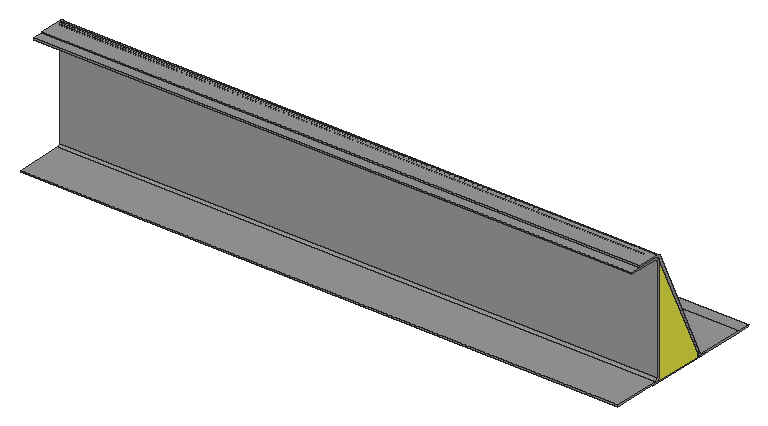
Revit family "CFS K 110 WOL", category Generic Models, Revit 2014
Parameters (values of type "Max lintel length 4800mm")
  URL = "http://www.keystonelintels.co.uk"
  Structural Opening [instance] = 900 mm
  Structural Performance = "The Keystone lintel range has safe working loads as detailed in each applicable loading table in the Keystone Lintel Guide brochure. The structural performance figures within each table have been ascertained by testing in accordance with the requirements of standards BS EN 5977-2: 1983 and BS EN 845-2: 2003."
  RIBA Productor Selector = "available for Keystone Lintels Ltd from Keystone Lintels Ltd from ribaproductselector.com"
  Model = "CFS/K 110 WOL"
  Min Length = 600 mm
  Min Clear Span = 300 mm
  Max Length = 4800 mm
  Max Clear Span = 4800 mm
  Material - Stainless Steel = "Grade 304 2b 1.4307 to BS EN 10088-2. Other grades available on request: contact manufacturer."
  Material - Galvanised Steel = "To BS EN 10346: 2009. DX51D plus Z600 or grade Z275 to BS 5977-2: 1983 (BS EN 845-2: 2003)."
  Manufacturer = "Keystone"
  Manufactured Length [instance] = (roundup(Effective Length / 150 mm) * 150 mm)  # 1200 mm
  Lintel height [instance] = 2100 mm
  Keynote = "F30/755"
  Fire Performance = "Keystone lintels have been subjected to a fire test (WARRES No. 101263) in accordance with BS 476-20: 1987, at Exova Warrington Fire and achieved a one hour fire performance."
  End Bearing = 150 mm
  Effective Length [instance] = Clear Opening with MIN MAX set + End Bearing * 2  # 1200 mm
  Corrosion = "Keystone’s standard range of lintels are manufactured from high quality grade pre-galvanized carbon steel with a zinc coating of 600"
  Contact Tel = "+44 (0)28 8676 2184"
  Contact Email = "info@keystonelintels.co.uk"
  Clear Opening with MIN MAX set [instance] = if(Structural Opening < Min Clear Span, Min Clear Span, (if(Structural Opening > Max Clear Span, Max Clear Span, Structural Opening)))  # 900 mm
  CPD Information = "Available for Keystone Lintels Ltd from ribacpd.com"
Reference planes
  plane 1 "Center (Front/Back)": y = 0
  plane 2: z = 0
  plane 3 "Center (Left/Right)": x = 0
  plane 4: x = -600
  plane 5: x = 600
  plane 6: z = 2100
  plane 7: x = -450
  plane 8: x = 450
Forms (mm)
  Extrusion 1, solid, material "Steel"
    sketch origin (0, 728.337, -496.241) x (0, 1, 0) y (0, 0, 1)
      loop
        line (-553.108, 2595.391) -> (-552.999, 2598.589) -> (-577.939, 2599.441) -> (-672.97, 2599.441)
        arc (-672.97, 2599.441) -> (-673.946, 2599.729) -> (-674.61, 2600.5) r 1.8
        line (-674.61, 2600.5) -> (-776.231, 2822.182)
        arc (-776.231, 2822.182) -> (-778.15, 2824.41) -> (-780.97, 2825.241) r 5.2
        line (-780.97, 2825.241) -> (-825.97, 2825.241) -> (-825.97, 2822.041) -> (-780.97, 2822.041)
        arc (-780.97, 2822.041) -> (-779.885, 2821.721) -> (-779.147, 2820.865) r 2
        line (-779.147, 2820.865) -> (-677.526, 2599.182)
        arc (-677.526, 2599.182) -> (-675.682, 2597.04) -> (-672.97, 2596.241) r 5
        line (-672.97, 2596.241) -> (-577.993, 2596.241) -> (-553.108, 2595.391)
    from -600 to 600
  Extrusion 2, solid, material "Steel"
    sketch origin (0, 728.337, -496.241) x (0, 1, 0) y (0, 0, 1)
      loop
        line (-880.973, 2596.241) -> (-785.973, 2596.241)
        arc (-785.973, 2596.241) -> (-780.387, 2598.555) -> (-778.073, 2604.141) r 7.9
        line (-778.073, 2604.141) -> (-778.073, 2814.141)
        arc (-778.073, 2814.141) -> (-780.387, 2819.727) -> (-785.973, 2822.041) r 7.9
        line (-785.973, 2822.041) -> (-845.973, 2822.041) -> (-845.973, 2818.841) -> (-785.973, 2818.841)
        arc (-785.973, 2818.841) -> (-782.65, 2817.464) -> (-781.273, 2814.141) r 4.7
        line (-781.273, 2814.141) -> (-781.273, 2604.141)
        arc (-781.273, 2604.141) -> (-782.65, 2600.818) -> (-785.973, 2599.441) r 4.7
        line (-785.973, 2599.441) -> (-880.973, 2599.441) -> (-880.973, 2596.241)
    from -600 to 600
  Extrusion 3, solid, material "Steel"
    sketch origin (0, 728.337, -496.241) x (0, 1, 0) y (0, 0, 1)
      loop
        line (-662.708, 2595.241) -> (-662.708, 2596.241) -> (-679.708, 2596.241) -> (-679.708, 2604.241) -> (-680.708, 2604.241) -> (-680.708, 2596.241) -> (-792.708, 2596.241) -> (-792.708, 2595.241) -> (-662.708, 2595.241)
    from -600 to 600
  Extrusion 4, solid, material "Insulation"
    sketch origin (0, 728.337, -496.241) x (0, 1, 0) y (0, 0, 1)
      loop
        line (-679.708, 2596.241) -> (-672.97, 2596.241)
        arc (-672.97, 2596.241) -> (-675.682, 2597.04) -> (-677.526, 2599.182) r 5
        line (-677.526, 2599.182) -> (-779.147, 2820.865)
        arc (-779.147, 2820.865) -> (-779.885, 2821.721) -> (-780.97, 2822.041) r 2
        line (-780.97, 2822.041) -> (-785.973, 2822.041)
        arc (-785.973, 2822.041) -> (-780.387, 2819.727) -> (-778.073, 2814.141) r 7.9
        line (-778.073, 2814.141) -> (-778.073, 2604.141)
        arc (-778.073, 2604.141) -> (-780.387, 2598.555) -> (-785.973, 2596.241) r 7.9
        line (-785.973, 2596.241) -> (-680.708, 2596.241) -> (-680.708, 2604.241) -> (-679.708, 2603.567) -> (-679.708, 2596.241)
    from -600 to 600
  Extrusion 5, solid, not visible
    sketch origin (0, 947.706, 1228.326) x (0, 1, 0) y (0, 0, 1)
      loop
        line (-553.108, 995.391) -> (-552.999, 998.589) -> (-577.939, 999.441) -> (-672.97, 999.441)
        arc (-672.97, 999.441) -> (-673.946, 999.729) -> (-674.61, 1000.5) r 1.8
        line (-674.61, 1000.5) -> (-776.231, 1222.182)
        arc (-776.231, 1222.182) -> (-778.15, 1224.41) -> (-780.97, 1225.241) r 5.2
        line (-780.97, 1225.241) -> (-825.97, 1225.241) -> (-825.97, 1222.041) -> (-780.97, 1222.041)
        arc (-780.97, 1222.041) -> (-779.885, 1221.721) -> (-779.147, 1220.865) r 2
        line (-779.147, 1220.865) -> (-677.526, 999.182)
        arc (-677.526, 999.182) -> (-675.682, 997.04) -> (-672.97, 996.241) r 5
        line (-672.97, 996.241) -> (-577.993, 996.241) -> (-553.108, 995.391)
    from 0 to 250
  Extrusion 6, solid, not visible
    sketch origin (0, 599.98, 1380.195) x (0, 1, 0) y (0, 0, 1)
      loop
        line (-880.973, 996.241) -> (-785.973, 996.241)
        arc (-785.973, 996.241) -> (-780.387, 998.555) -> (-778.073, 1004.141) r 7.9
        line (-778.073, 1004.141) -> (-778.073, 1214.141)
        arc (-778.073, 1214.141) -> (-780.387, 1219.727) -> (-785.973, 1222.041) r 7.9
        line (-785.973, 1222.041) -> (-845.973, 1222.041) -> (-845.973, 1218.841) -> (-785.973, 1218.841)
        arc (-785.973, 1218.841) -> (-782.65, 1217.464) -> (-781.273, 1214.141) r 4.7
        line (-781.273, 1214.141) -> (-781.273, 1004.141)
        arc (-781.273, 1004.141) -> (-782.65, 1000.818) -> (-785.973, 999.441) r 4.7
        line (-785.973, 999.441) -> (-880.973, 999.441) -> (-880.973, 996.241)
    from 0 to 250
  Extrusion 7, solid, not visible
    sketch origin (0, 940.52, 1011.795) x (0, 1, 0) y (0, 0, 1)
      loop
        line (-662.708, 995.241) -> (-662.708, 996.241) -> (-679.708, 996.241) -> (-679.708, 1004.241) -> (-680.708, 1004.241) -> (-680.708, 996.241) -> (-792.708, 996.241) -> (-792.708, 995.241) -> (-662.708, 995.241)
    from 0 to 250
  Extrusion 8, solid, not visible
    sketch origin (0, 517.93, 826.392) x (0, 1, 0) y (0, 0, 1)
      loop
        line (-679.708, 996.241) -> (-672.97, 996.241)
        arc (-672.97, 996.241) -> (-675.682, 997.04) -> (-677.526, 999.182) r 5
        line (-677.526, 999.182) -> (-779.147, 1220.865)
        arc (-779.147, 1220.865) -> (-779.885, 1221.721) -> (-780.97, 1222.041) r 2
        line (-780.97, 1222.041) -> (-785.973, 1222.041)
        arc (-785.973, 1222.041) -> (-780.387, 1219.727) -> (-778.073, 1214.141) r 7.9
        line (-778.073, 1214.141) -> (-778.073, 1004.141)
        arc (-778.073, 1004.141) -> (-780.387, 998.555) -> (-785.973, 996.241) r 7.9
        line (-785.973, 996.241) -> (-680.708, 996.241) -> (-680.708, 1004.241) -> (-679.708, 1003.567) -> (-679.708, 996.241)
    from 0 to 250
Dimensions and locks
  equal spacing: plane 4, plane 3 "Center (Left/Right)", plane 5
  "Manufactured Length": plane 4 to plane 5
  "Lintel height": plane 6 to level
  "Structural Opening": plane 7 to plane 8
  equal spacing: plane 7, plane 3 "Center (Left/Right)", plane 8
  aligned and locked: level to plane 2
  aligned and locked: Extrusion 1 to plane 6
  aligned and locked: Extrusion 4 to plane 6
  aligned and locked: Extrusion 2 to plane 6
  aligned and locked: plane 6 to Extrusion 3
  aligned and locked: plane 5 to Extrusion 2
  aligned and locked: Extrusion 2 to plane 4
  aligned and locked: plane 5 to Extrusion 1
  aligned and locked: Extrusion 1 to plane 4
  aligned and locked: plane 5 to Extrusion 4
  aligned and locked: Extrusion 4 to plane 4
  aligned and locked: plane 5 to Extrusion 3
  aligned and locked: Extrusion 3 to plane 4
Automatic sketch dimensions
  Extrusion 1 sketch curve to Extrusion 1 sketch curve = 24.885 mm
  Extrusion 1 sketch curve to Extrusion 1 sketch curve = 0.109 mm
  Extrusion 1 sketch curve to Extrusion 1 sketch curve = 0.85 mm
  Extrusion 1 sketch curve to Extrusion 1 sketch curve = 0.055 mm
  Extrusion 1 sketch curve to Extrusion 1 sketch curve = 94.977 mm
  Extrusion 1 sketch curve to Extrusion 1 sketch curve = 1.8 mm
  Extrusion 1 sketch curve to Extrusion 1 sketch curve = 4.556 mm
  Extrusion 1 sketch curve to Extrusion 1 sketch curve = 1.64 mm
  Extrusion 1 sketch curve to Extrusion 1 sketch curve = 101.621 mm
  Extrusion 1 sketch curve to Extrusion 1 sketch curve = 221.683 mm
  Extrusion 1 sketch curve to Extrusion 1 sketch curve = 2.916 mm
  Extrusion 1 sketch curve to Extrusion 1 sketch curve = 1.318 mm
  Extrusion 1 sketch curve to Extrusion 1 sketch curve = 1.823 mm
  Extrusion 1 sketch curve to Extrusion 1 sketch curve = 0.824 mm
  Extrusion 1 sketch curve to Extrusion 1 sketch curve = 45 mm
  Extrusion 2 sketch curve to Extrusion 2 sketch curve = 95 mm
  Extrusion 2 sketch curve to Extrusion 2 sketch curve = 3.2 mm
  Extrusion 2 sketch curve to Extrusion 2 sketch curve = 4.7 mm  (x2)
  Extrusion 2 sketch curve to Extrusion 2 sketch curve = 0 mm  (x8)
  Extrusion 2 sketch curve to Extrusion 2 sketch curve = 210 mm
  Extrusion 2 sketch curve to Extrusion 2 sketch curve = 60 mm
  Extrusion 3 sketch curve to Extrusion 3 sketch curve = 130 mm
  Extrusion 3 sketch curve to Extrusion 3 sketch curve = 1 mm  (x2)
  Extrusion 3 sketch curve to Extrusion 3 sketch curve = 17 mm
  Extrusion 3 sketch curve to Extrusion 3 sketch curve = 8 mm
  Extrusion 3 sketch curve to Extrusion 3 sketch curve = 0 mm
  Extrusion 4 sketch curve to Extrusion 4 sketch curve = 0 mm  (x5)
  Extrusion 4 sketch curve to Extrusion 4 sketch curve = 5.004 mm
  Extrusion 4 sketch curve to Extrusion 4 sketch curve = 1.823 mm
  Extrusion 4 sketch curve to Extrusion 4 sketch curve = 2.896 mm
  Extrusion 4 sketch curve to Extrusion 4 sketch curve = 97.365 mm
  Extrusion 4 sketch curve to Extrusion 4 sketch curve = 1 mm
  Extrusion 4 sketch curve to Extrusion 4 sketch curve = 2.182 mm
  Extrusion 4 sketch curve to Extrusion 4 sketch curve = 4.556 mm
  Extrusion 4 sketch curve to Extrusion 4 sketch curve = 2.941 mm
  Extrusion 4 sketch curve to Extrusion 4 sketch curve = 5 mm
  Extrusion 4 sketch curve to Extrusion 4 sketch curve = 7.9 mm
  Extrusion 4 sketch curve to Extrusion 4 sketch curve = 5.059 mm
  Extrusion 4 sketch curve to Extrusion 4 sketch curve = 210 mm
  Extrusion 4 sketch curve to Extrusion 4 sketch curve = 2 mm
  Extrusion 4 sketch curve to Extrusion 4 sketch curve = 0.824 mm
  Extrusion 4 sketch curve to Extrusion 4 sketch curve = 0.675 mm
  Extrusion 1 sketch curve to Extrusion 1 sketch curve = 0 mm  (x8)
  Extrusion 5 sketch curve to Extrusion 5 sketch curve = 24.885 mm
  Extrusion 5 sketch curve to Extrusion 5 sketch curve = 0.109 mm
  Extrusion 5 sketch curve to Extrusion 5 sketch curve = 0.85 mm
  Extrusion 5 sketch curve to Extrusion 5 sketch curve = 0.055 mm
  Extrusion 5 sketch curve to Extrusion 5 sketch curve = 94.977 mm
  Extrusion 5 sketch curve to Extrusion 5 sketch curve = 1.8 mm
  Extrusion 5 sketch curve to Extrusion 5 sketch curve = 4.556 mm
  Extrusion 5 sketch curve to Extrusion 5 sketch curve = 1.64 mm
  Extrusion 5 sketch curve to Extrusion 5 sketch curve = 101.621 mm
  Extrusion 5 sketch curve to Extrusion 5 sketch curve = 221.683 mm
  Extrusion 5 sketch curve to Extrusion 5 sketch curve = 2.916 mm
  Extrusion 5 sketch curve to Extrusion 5 sketch curve = 1.318 mm
  Extrusion 5 sketch curve to Extrusion 5 sketch curve = 1.823 mm
  Extrusion 5 sketch curve to Extrusion 5 sketch curve = 0.824 mm
  Extrusion 5 sketch curve to Extrusion 5 sketch curve = 45 mm
  Extrusion 5 sketch curve to Extrusion 5 sketch curve = 0 mm  (x8)
  Extrusion 6 sketch curve to Extrusion 6 sketch curve = 95 mm
  Extrusion 6 sketch curve to Extrusion 6 sketch curve = 3.2 mm
  Extrusion 6 sketch curve to Extrusion 6 sketch curve = 0 mm  (x8)
  Extrusion 6 sketch curve to Extrusion 6 sketch curve = 4.7 mm  (x2)
  Extrusion 6 sketch curve to Extrusion 6 sketch curve = 210 mm
  Extrusion 6 sketch curve to Extrusion 6 sketch curve = 60 mm
  Extrusion 7 sketch curve to Extrusion 7 sketch curve = 130 mm
  Extrusion 7 sketch curve to Extrusion 7 sketch curve = 1 mm  (x2)
  Extrusion 7 sketch curve to Extrusion 7 sketch curve = 17 mm
  Extrusion 7 sketch curve to Extrusion 7 sketch curve = 8 mm
  Extrusion 7 sketch curve to Extrusion 7 sketch curve = 0 mm
  Extrusion 8 sketch curve to Extrusion 8 sketch curve = 0 mm  (x5)
  Extrusion 8 sketch curve to Extrusion 8 sketch curve = 5.004 mm
  Extrusion 8 sketch curve to Extrusion 8 sketch curve = 1.823 mm
  Extrusion 8 sketch curve to Extrusion 8 sketch curve = 2.896 mm
  Extrusion 8 sketch curve to Extrusion 8 sketch curve = 97.365 mm
  Extrusion 8 sketch curve to Extrusion 8 sketch curve = 1 mm
  Extrusion 8 sketch curve to Extrusion 8 sketch curve = 2.182 mm
  Extrusion 8 sketch curve to Extrusion 8 sketch curve = 4.556 mm
  Extrusion 8 sketch curve to Extrusion 8 sketch curve = 2.941 mm
  Extrusion 8 sketch curve to Extrusion 8 sketch curve = 5 mm
  Extrusion 8 sketch curve to Extrusion 8 sketch curve = 7.9 mm
  Extrusion 8 sketch curve to Extrusion 8 sketch curve = 5.059 mm
  Extrusion 8 sketch curve to Extrusion 8 sketch curve = 210 mm
  Extrusion 8 sketch curve to Extrusion 8 sketch curve = 2 mm
  Extrusion 8 sketch curve to Extrusion 8 sketch curve = 0.824 mm
  Extrusion 8 sketch curve to Extrusion 8 sketch curve = 0.675 mm
  Extrusion 4 sketch curve to plane 6 = 0 mm
  plane 1 "Center (Front/Back)" to Extrusion 4 sketch curve = 57.637 mm
  Extrusion 2 sketch curve to plane 6 = 0 mm
  plane 1 "Center (Front/Back)" to Extrusion 2 sketch curve = 152.637 mm
  Extrusion 3 sketch curve to plane 6 = 0 mm
  plane 1 "Center (Front/Back)" to Extrusion 3 sketch curve = 64.372 mm
  Extrusion 1 sketch curve to plane 6 = 0 mm
  plane 1 "Center (Front/Back)" to Extrusion 1 sketch curve = 97.633 mm
